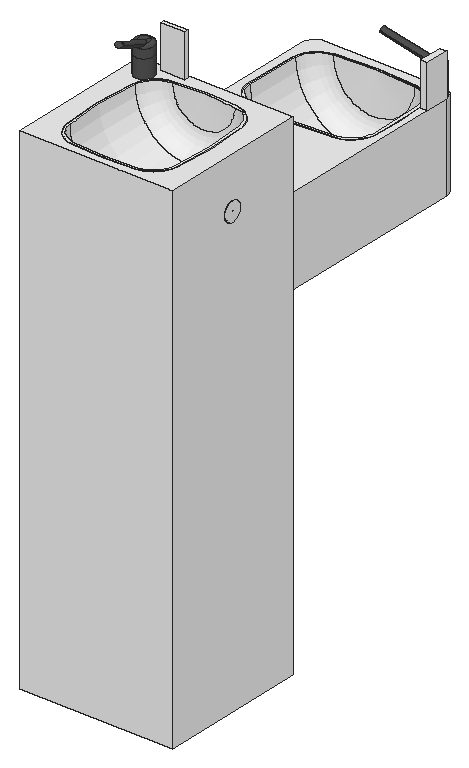
Revit family
Parameters (values of type "Parametric")
  Wash Basin = Ceramic
  Subcategory = "Drinking Fountain"
  SmartBIM Object Version = 3  # constant formula
  SmartBIM Object Created By = "Reed Construction Data"  # constant formula
  Manufacturer = ""
  Casing = Ceramic
  Default Elevation = 0' - 0"
  Assembly Code = "D2010810"
  95 CSI = "15410"
  04 CSI = "22 47 13"
Reference planes (in)
  plane 1 "Center (Front/Back)": y = 0
  plane 2: z = 0
  plane 3 "Center (Left/Right)": x = 0
Forms (in)
  Extrusion 1, solid, material "Ceramic" <- "Casing"
    sketch origin (0, -3, 0) x (1, 0, 0) y (0, 1, 0)
      loop
        line (-6.12718, 15) -> (-6.12718, 3) -> (6.12718, 3) -> (6.12718, 15) -> (-6.12718, 15)
      loop
        arc (-4.40092, 12.1081) -> (-4.62545, 8.81996) -> (-4.40092, 5.53181) r 24.18931
        arc (-4.40092, 5.53181) -> (-3.77814, 4.30287) -> (-2.52951, 3.72055) r 2.10931
        arc (-2.52951, 3.72055) -> (-1.26645, 3.62248) -> (0, 3.59066) r 24.18931
        arc (0, 3.59066) -> (1.26645, 3.62248) -> (2.52951, 3.72055) r 24.18931
        arc (2.52951, 3.72055) -> (3.77814, 4.30287) -> (4.40092, 5.53181) r 2.10931
        arc (4.40092, 5.53181) -> (4.62545, 8.81996) -> (4.40092, 12.1081) r 24.18931
        arc (4.40092, 12.1081) -> (3.72207, 13.38938) -> (2.37648, 13.92967) r 2.10931
        arc (2.37648, 13.92967) -> (-0.07677, 14.04921) -> (-2.52951, 13.91936) r 24.18931
        arc (-2.52951, 13.91936) -> (-3.77814, 13.33705) -> (-4.40092, 12.1081) r 2.10931
    from 0 to 40
  Revolve 2, solid, material "Ceramic" <- "Wash Basin"
    sketch origin (216, -38.85501, 40) x (0, -1, 0) y (1, 0, 0)
      loop
        arc (-49.77437, -218.52951) -> (-49.19206, -219.77814) -> (-47.96311, -220.40092) r 2.10931
        arc (-47.96311, -220.40092) -> (-44.67497, -220.62545) -> (-41.38682, -220.40092) r 24.18931
        arc (-41.38682, -220.40092) -> (-40.15788, -219.77814) -> (-39.57556, -218.52951) r 2.10931
        arc (-39.57556, -218.52951) -> (-39.47748, -217.26645) -> (-39.44567, -216) r 24.18931
        line (-39.44567, -216) -> (-39.63498, -216)
        arc (-39.63498, -216) -> (-39.66654, -217.25664) -> (-39.76386, -218.50991) r 24
        arc (-39.76386, -218.50991) -> (-40.29391, -219.64648) -> (-41.41255, -220.21337) r 1.92
        arc (-41.41255, -220.21337) -> (-44.67497, -220.43614) -> (-47.93738, -220.21337) r 24
        arc (-47.93738, -220.21337) -> (-49.05602, -219.64648) -> (-49.58607, -218.50991) r 1.92
        arc (-49.58607, -218.50991) -> (-49.68339, -217.25664) -> (-49.71495, -216) r 24
        line (-49.71495, -216) -> (-49.90426, -216)
        arc (-49.90426, -216) -> (-49.87245, -217.26645) -> (-49.77437, -218.52951) r 24.18931
      axis (-49.90426, -216) -> (-39.44567, -216)
    angle from 0 to 180
  Extrusion 3, solid, material "Ceramic" <- "Casing"
    sketch origin (216, -38.85501, 40) x (0, -1, 0) y (1, 0, 0)
      loop
        line (-50.85501, -221.76) -> (-50.85501, -210.24) -> (-66.69501, -210.24)
        arc (-66.69501, -210.24) -> (-67.37383, -210.52118) -> (-67.65501, -211.2) r 0.96
        line (-67.65501, -211.2) -> (-67.65501, -220.8)
        arc (-67.65501, -220.8) -> (-67.37383, -221.47882) -> (-66.69501, -221.76) r 0.96
        line (-66.69501, -221.76) -> (-50.85501, -221.76)
      loop
        arc (-66.78459, -219.28814) -> (-66.16181, -220.51709) -> (-64.91318, -221.0994) r 2.10931
        arc (-64.91318, -221.0994) -> (-62.64397, -221.22818) -> (-60.37269, -221.1434) r 24.18931
        arc (-60.37269, -221.1434) -> (-59.09952, -220.57273) -> (-58.4611, -219.33214) r 2.10931
        arc (-58.4611, -219.33214) -> (-58.2305, -216) -> (-58.4611, -212.66786) r 24.18931
        arc (-58.4611, -212.66786) -> (-59.09952, -211.42727) -> (-60.37269, -210.8566) r 2.10931
        arc (-60.37269, -210.8566) -> (-62.64397, -210.77182) -> (-64.91318, -210.9006) r 24.18931
        arc (-64.91318, -210.9006) -> (-66.16181, -211.48291) -> (-66.78459, -212.71186) r 2.10931
        arc (-66.78459, -212.71186) -> (-67.00912, -216) -> (-66.78459, -219.28814) r 24.18931
    from -12.75 to -5.75
  Revolve 4, solid, material "Ceramic" <- "Wash Basin"
    sketch origin (216, -29.78631, 34.25) x (0, -1, 0) y (1, 0, 0)
      loop
        arc (-57.71589, -219.28814) -> (-57.09311, -220.51709) -> (-55.84447, -221.0994) r 2.10931
        arc (-55.84447, -221.0994) -> (-53.57526, -221.22818) -> (-51.30399, -221.1434) r 24.18931
        arc (-51.30399, -221.1434) -> (-50.03082, -220.57273) -> (-49.3924, -219.33214) r 2.10931
        arc (-49.3924, -219.33214) -> (-49.21952, -217.67006) -> (-49.1618, -216) r 24.18931
        line (-49.1618, -216) -> (-49.35111, -216)
        arc (-49.35111, -216) -> (-49.40838, -217.65699) -> (-49.57991, -219.30607) r 24
        arc (-49.57991, -219.30607) -> (-50.16103, -220.43531) -> (-51.31993, -220.95476) r 1.92
        arc (-51.31993, -220.95476) -> (-53.57343, -221.03887) -> (-55.82488, -220.91111) r 24
        arc (-55.82488, -220.91111) -> (-56.96145, -220.38106) -> (-57.52834, -219.26241) r 1.92
        arc (-57.52834, -219.26241) -> (-57.69535, -217.635) -> (-57.75111, -216) r 24
        line (-57.75111, -216) -> (-57.94042, -216)
        arc (-57.94042, -216) -> (-57.88422, -217.6479) -> (-57.71589, -219.28814) r 24.18931
      axis (-57.94042, -216) -> (-49.1618, -216)
    angle from 0 to 180
  Extrusion 5, void
    sketch origin (216, -29.78631, 34.25) x (1, 0, 0) y (0, -1, 0)
      loop
        circle (-216.29698, -53.00809) r 0.12
      loop
        circle (-216, -53.13111) r 0.12
      loop
        circle (-215.70302, -53.00809) r 0.12
      loop
        circle (-215.58, -52.71111) r 0.12
      loop
        circle (-215.70302, -52.41412) r 0.12
      loop
        circle (-216, -52.29111) r 0.12
      loop
        circle (-216.29698, -52.41412) r 0.12
      loop
        circle (-216.42, -52.71111) r 0.12
      loop
        circle (-216, -52.71111) r 0.12
      loop
        circle (-216, -52.71111) r 1.02
      loop
        circle (-216, -52.71111) r 0.9575
    from 4.76444 to 5.53344
  Extrusion 6, solid, material "Ceramic" <- "Casing"
    sketch origin (216, -29.78631, 34.25) x (0, -1, 0) y (1, 0, 0)
      loop
        arc (-55.84447, -221.0994) -> (-53.57526, -221.22818) -> (-51.30399, -221.1434) r 24.18931
        arc (-51.30399, -221.1434) -> (-50.03082, -220.57273) -> (-49.3924, -219.33214) r 2.10931
        arc (-49.3924, -219.33214) -> (-49.1618, -216) -> (-49.3924, -212.66786) r 24.18931
        arc (-49.3924, -212.66786) -> (-50.03082, -211.42727) -> (-51.30399, -210.8566) r 2.10931
        arc (-51.30399, -210.8566) -> (-53.57526, -210.77182) -> (-55.84447, -210.9006) r 24.18931
        arc (-55.84447, -210.9006) -> (-57.09311, -211.48291) -> (-57.71589, -212.71186) r 2.10931
        arc (-57.71589, -212.71186) -> (-57.94042, -216) -> (-57.71589, -219.28814) r 24.18931
        arc (-57.71589, -219.28814) -> (-57.09311, -220.51709) -> (-55.84447, -221.0994) r 2.10931
    from -7 to -6.44613
  Extrusion 7, void
    sketch origin (216, -38.85501, 40) x (1, 0, 0) y (0, -1, 0)
      loop
        circle (-215.39614, -44.67497) r 1.02
      loop
        circle (-215.39614, -45.09497) r 0.12
      loop
        circle (-215.69312, -44.97195) r 0.12
      loop
        circle (-215.81614, -44.67497) r 0.12
      loop
        circle (-215.69312, -44.37798) r 0.12
      loop
        circle (-215.39614, -44.25497) r 0.12
      loop
        circle (-214.97614, -44.67497) r 0.12
      loop
        circle (-215.39614, -44.67497) r 0.12
      loop
        circle (-215.09915, -44.97195) r 0.12
      loop
        circle (-215.09915, -44.37798) r 0.12
    from 3.87907 to 5.03443
  Extrusion 8, solid, material "Ceramic" <- "Casing"
    sketch origin (0, -3, 0) x (1, 0, 0) y (0, 1, 0)
      loop
        arc (4.40092, 5.53181) -> (4.62545, 8.81996) -> (4.40092, 12.1081) r 24.18931
        arc (4.40092, 12.1081) -> (3.72207, 13.38938) -> (2.37648, 13.92967) r 2.10931
        arc (2.37648, 13.92967) -> (-0.07677, 14.04921) -> (-2.52951, 13.91936) r 24.18931
        arc (-2.52951, 13.91936) -> (-3.77814, 13.33705) -> (-4.40092, 12.1081) r 2.10931
        arc (-4.40092, 12.1081) -> (-4.62545, 8.81996) -> (-4.40092, 5.53181) r 24.18931
        arc (-4.40092, 5.53181) -> (-3.77814, 4.30287) -> (-2.52951, 3.72055) r 2.10931
        arc (-2.52951, 3.72055) -> (-1.26645, 3.62248) -> (0, 3.59066) r 24.18931
        arc (0, 3.59066) -> (1.26645, 3.62248) -> (2.52951, 3.72055) r 24.18931
        arc (2.52951, 3.72055) -> (3.77814, 4.30287) -> (4.40092, 5.53181) r 2.10931
    from 0 to 0.1246
  Extrusion 9, solid, material "Ceramic" <- "Casing"
    sketch origin (216, -38.85501, 40) x (0, -1, 0) y (1, 0, 0)
      loop
        line (-64.77501, -210.74) -> (-64.77501, -210.24) -> (-66.69501, -210.24) -> (-66.69501, -210.74) -> (-64.77501, -210.74)
    from -5.75 to -2.32669
  Extrusion 10, solid, material "Ceramic" <- "Casing"
    sketch origin (216, -38.85501, 40) x (0, -1, 0) y (1, 0, 0)
      loop
        line (-50.37501, -218.16) -> (-50.73501, -218.16) -> (-50.73501, -220.08) -> (-50.37501, -220.08) -> (-50.37501, -218.16)
    from 0 to 3.42331
  Extrusion 11, solid, material "Ceramic" <- "Wash Basin"
    sketch origin (0, -3, 0) x (0, 1, 0) y (0, 0, 1)
      loop
        circle (8.81996, 36) r 0.1
      loop
        circle (8.81996, 36) r 0.75
    from -6.25218 to -6.12718
  Extrusion 12, solid, material "Ceramic" <- "Wash Basin"
    sketch origin (0, -3, 0) x (0, 1, 0) y (0, 0, -1)
      loop
        circle (8.81996, -36) r 0.1
      loop
        circle (8.81996, -36) r 0.75
    from -6.25218 to -6.12718
  Extrusion 13, solid, material "Ceramic" <- "Casing"
    sketch origin (216, -38.85501, 40) x (0, -1, 0) y (1, 0, 0)
      loop
        line (-50.95501, -221.76) -> (-50.85501, -221.76) -> (-50.85501, -210.24) -> (-50.95501, -210.24) -> (-50.95501, -221.76)
    from -40 to -12.85
  Extrusion 14, solid, material "Ceramic" <- "Wash Basin"
    sketch origin (0, 0, 0) x (1, 0, 0) y (0, 0, 1)
      loop
        circle (5.20286, 25.18805) r 0.25
    from -12.12055 to -12.1
  Extrusion 15, solid, material "Ceramic" <- "Wash Basin"
    sketch origin (0, 0, -11.75) x (1, 0, 0) y (0, 0, 1)
      loop
        circle (5.20286, 25.18805) r 0.25
    from -12.12055 to -12.1
  Extrusion 16, solid, material "Ceramic" <- "Wash Basin"
    sketch origin (0, 0, -24.25) x (1, 0, 0) y (0, 0, 1)
      loop
        circle (5.20286, 25.18805) r 0.25
    from -12.12055 to -12.1
  Extrusion 17, solid, material "Ceramic" <- "Wash Basin"
    sketch origin (0, 0, 0) x (-1, 0, 0) y (0, 0, -1)
      loop
        circle (5.20286, -25.18805) r 0.25
    from -12.12055 to -12.1
  Extrusion 18, solid, material "Ceramic" <- "Wash Basin"
    sketch origin (0, 0, -11.75) x (-1, 0, 0) y (0, 0, -1)
      loop
        circle (5.20286, -25.18805) r 0.25
    from -12.12055 to -12.1
  Extrusion 19, solid, material "Ceramic" <- "Wash Basin"
    sketch origin (0, 0, -24.25) x (-1, 0, 0) y (0, 0, -1)
      loop
        circle (5.20286, -25.18805) r 0.25
    from -12.12055 to -12.1
Cuts and joins
  Extrusion 5 cuts Revolve 4
  Extrusion 7 cuts Revolve 2
Dimensions and locks (in)
  Extrusion 1 sketch curve to Extrusion 1 sketch curve = 1' - 0.25435"
  locked: Extrusion 9 sketch curve to Extrusion 9 sketch curve at 0.5
  aligned and locked: Extrusion 9 to nested 2
  aligned and locked: Extrusion 10 to nested 1
  aligned and locked: Extrusion 13 to level
  aligned and locked: plane 1 "Center (Front/Back)" to Extrusion 1
Nested families (in)
  nested 1: "Spout" at (-4.61427, 10.55998, 40) x (0.5232, 0.8522, 0) z (0, 0, 1), type "Spout"
  nested 2: "Spout" at (4.83078, 27.9751, 34.25) x (0.8866, -0.4625, 0) z (0, 0, 1), type "Spout"
Definition of nested family "Spout"
  Parameters (values of type "Tap - Handle")
    Radius = 0' - 0 3/4"
    Material Tap = Metal - Chrome
    Manufacturer = "Revit"
    Keynote = "N13"
    Assembly Code = ""
  Reference planes (in)
    plane 1 "Center (Front/Back)": y = 0
    plane 2: z = 0
    plane 3 "Center (Left/Right)": x = 0
    plane 4: z = 3.42331
    plane 5: through (0, 0.25271, 0.45939) normal (0, -0.482, -0.8762)
    plane 6 "1": through (0, 0, 0) normal (-0.7071, 0.7071, 0)
  Forms (in)
    Sweep 1, solid, material "Metal - Chrome" <- "Material Tap"
      path origin (0, 0, -3.54331) x (-0.707107, -0.707107, 0) y (0, 0, 1)
        loop
          line (0.06348, 5.77997) -> (3.63162, 7.44382)
      profile origin (-1.90417, -1.90417, 1.25572) x (0.298836, 0.298836, 0.906308) y (-0.707107, 0.707107, 0)
        loop
          spline (2.00028, 0.30328) -> (1.94933, 0.29295) -> (1.90185, 0.26265) -> (1.86108, 0.21445) -> (1.8298, 0.15164) -> (1.81014, 0.07849) -> (1.80343, 0) -> (1.81014, -0.07849) -> (1.8298, -0.15164) -> (1.86108, -0.21445) -> (1.90185, -0.26265) -> (1.94933, -0.29295) -> (2.00028, -0.30328)
          spline (2.00028, -0.30328) -> (2.05123, -0.29295) -> (2.0987, -0.26265) -> (2.13947, -0.21445) -> (2.17076, -0.15164) -> (2.19042, -0.07849) -> (2.19713, 0) -> (2.19042, 0.07849) -> (2.17076, 0.15164) -> (2.13947, 0.21445) -> (2.0987, 0.26265) -> (2.05123, 0.29295) -> (2.00028, 0.30328)
    Revolve 2, solid, material "Metal - Chrome" <- "Material Tap"
      sketch origin (0, 0, 0) x (1, 0, 0) y (0, 0, 1)
        loop
          line (-0.75, 0) -> (0, 0) -> (0, 2.44291) -> (-0.4869, 2.44291)
          arc (-0.4869, 2.44291) -> (-0.67294, 2.36585) -> (-0.75, 2.17982) r 0.2631
          line (-0.75, 2.17982) -> (-0.75, 1.49606) -> (-0.75, 0)
        axis (0, 0) -> (0, 2.44291)
      angle from 0 to 360
  Cuts and joins
    joined: Sweep 1, Revolve 2
  Dimensions and locks (in)
    "Radius": plane 3 "Center (Left/Right)" to Revolve 2 sketch curve
  Automatic sketch dimensions
    plane 4 to Sweep 1 sketch curve = 0' - 1.18665"
    Sweep 1 sketch curve to plane 4 = 0' - 0.4772"
    Sweep 1 sketch curve to Sweep 1 sketch curve = 0' - 3.56814"
    Sweep 1 sketch curve to profile plane = 0' - 0"
    Sweep 1 sketch curve to plane 6 "1" = 0' - 0"
    plane 6 "1" to Sweep 1 sketch curve = 0' - 0.30328"
    Revolve 2 sketch curve to plane 3 "Center (Left/Right)" = 0' - 0"  (x2)
    Revolve 2 sketch curve to level = 0' - 0"
    Revolve 2 sketch curve to plane 3 "Center (Left/Right)" = 0' - 0.4869"
    Revolve 2 sketch curve to level = 0' - 0.59055"
    Revolve 2 sketch curve to Revolve 2 sketch curve = 0' - 1.49606"
    Revolve 2 sketch curve to Revolve 2 sketch curve = 0' - 0.68375"
    Revolve 2 sketch curve to plane 4 = 0' - 0.71055"
